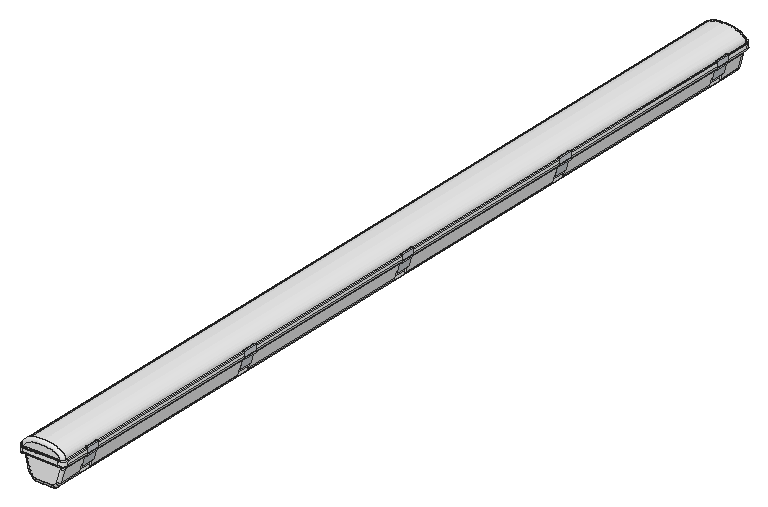
Revit family "0068077", category Lighting Fixtures, host Face, Revit 2017
Family settings
  Host = Face
  Round Connector Dimension = Use Diameter
  Part Type = Normal
  OmniClass Number = 23.80.70.11.14
  OmniClass Title = General Luminaries, Directional
  Cut with Voids When Loaded = No
  Light Source = Yes
  Shared = No
  Room Calculation Point = No
Parameters (values of type "0068077 ST WTRPRF GRP S 1500 IP65 MW 4000LM 840")
  Width = 84 mm
  Weight = "2.3 kg"
  Wattage Comments = "n/a"
  Wattage = 36 W
  WarrantyStartDate [instance] = "n/a"
  WarrantyGuarantorParts = "n/a"
  WarrantyDurationUnit = "n/a"
  WarrantyDurationParts = "n/a"
  WarrantyDescription = "n/a"
  built-in parameter 1150110 = 1 (stored number, unit not read)
  Voltage = 0 V
  URL = "http://www.sylvania-lighting.com"
  TypeName = "START Waterproof GRP Single 1500 IP65 MW 4000 840"
  Type Image = <None>
  Type Comments = "n/a"
  built-in parameter 1114217 = 1 (stored number, unit not read)
  Tilt Angle = -90.00°
  built-in parameter 1150109 = 1 (stored number, unit not read)
  built-in parameter 1150134 = 12
  built-in parameter 1150113 = 1 (stored number, unit not read)
  SerialNumber [instance] = "n/a"
  ReflectorMaterial = none
  PowerFactor = 0.95
  PowerConsumption = "36 W"
  Photometric Web File = "0068077.ies"
  NominalWidth = 0 mm
  NominalLength = 1578 mm
  NominalHeight = 75 mm
  Name = "START Waterproof GRP Single 1500 IP65 MW 4000 840"
  ModelReference = "START Waterproof GRP Single 1500 IP65 MW 4000 840"
  ModelNumber = "0068077"
  Model = "START Waterproof GRP Single 1500 IP65 MW 4000 840"
  Material = "composite material housing, pc polycarbonate diffuser"
  ManufacturerName = "Feilo Sylvania"
  Manufacturer = "Feilo Sylvania"
  LuminousEfficacy = "110 lm/W"
  built-in parameter 1150105 = 315.13 (stored number, unit not read)
  Lumens = 3960 lm
  LuminaireType = ""
  built-in parameter 1150115 = 1 (stored number, unit not read)
  LightOutputRatio = "n/a"
  built-in parameter 1150137 = (empty or 0)
  built-in parameter 1150139 = (empty or 0)
  Length = 1572 mm
  LampsType = Lamp  # "LED"
  LampNominalLuminous = "3950 lm"
  LampMacAdamStep = "n/a"
  LampColourTemperature = "4000 K"
  LampColourRenderingIndex = "80"
  built-in parameter 1150112 = 1 (stored number, unit not read)
  built-in parameter 1150114 = 1 (stored number, unit not read)
  Lamp = "LED"
  Keynote = "16500"
  InstallationDate [instance] = "n/a"
  InputVoltage = "n/a"
  InputNominalFrequency = "n/a"
  built-in parameter 1150132 = (empty or 0)
  built-in parameter 1150102 = (empty or 0)
  built-in parameter 1150107 = 4000 (stored number, unit not read)
  built-in parameter 1150138 = (empty or 0)
  IngressProtection = "IP65"
  ImpactProtectionIndex = "IK08"
  built-in parameter 1150106 = 3.1513 (stored number, unit not read)
  IfcExportType = "IfcLightFixtureType"
  IfcExportAs = "IfcLightFixtureType"
  ExpectedLife = 50000
  Emit from Rectangle Width = Width - 20 mm  # 64 mm
  Emit from Rectangle Length = Length - 20 mm  # 1552 mm
  Emit Shape Visible in Rendering = no
  ElectricShockClassification = "Class I"
  built-in parameter 1150104 = 10.219 (stored number, unit not read)
  DurationUnit = "hours"
  DocumentationLiterature = "http://www.sylvania-lighting.com/product/en-int/products/0068077"
  DimmingControlOptions = "n/a"
  Dimming Lamp Color Temperature Shift = <None>
  DiffuserMaterial = Diffuser-Sylvania-Transparent
  Description = "Start Waterproof, integrated LED weatherproof luminaire, with UV stabilized flat diffuser and linear prisms designed to achieve uniform lit appearance, optimise light output and to reduce glare, stainless steel diffuser clips and fixing brackets for surface mounting. Glass Reinforced Plastic housing for robustness, Polycarbonate diffuser, 3950lm, 36W, 110lm/W, 4000K, drive current 1050mA, MW On/Off,  CRI80, IP65, IK08, Class I,  nominal average life (h):50000, 1578mm x 84mm x 75mm ,energy class: A++ A+ A, D-mark"
  Default Elevation = 1219.2 mm
  CreatedOn = "10/3/2019"
  CreatedBy = "@sylvania-lighting.com"
  Cost = 0
  Color Filter = 16777215
  built-in parameter 1114216 [instance] = (empty or 0)
  ClassificationValue = "EF_70_80"
  ClassificationName = "Uniclass2015"
  BodyMaterial = Body-Sylvania-Gray
  BarCode [instance] = "n/a"
  built-in parameter 1114218 = 1 (stored number, unit not read)
  built-in parameter 1150133 = 10 (stored number, unit not read)
  AssetType = "Fixed"
  AssetIdentifier [instance] = "n/a"
  Assembly Code = "D5020200"
  Apparent Load = 36 VA
  AccessoryMaterial = Diffuser-Sylvania-Glow
Reference planes
  plane 1 "Center (Front/Back)": y = 0
  plane 2: z = 0
  plane 3 "Center (Left/Right)": x = 0
  plane 4: z = 54
  plane 5: x = -14.7
  plane 6: x = -21.8
  plane 7: x = -26.6
  plane 8: x = -29.2
  plane 9: z = 3
  plane 10: z = 7.8
  plane 11: z = 12.3
  plane 12: z = 36.6
  plane 13: z = 42.8
  plane 14: x = -38.1
  plane 15: z = 46.2
  plane 16: x = -42
  plane 17: y = 786
  plane 18: y = -786
  plane 19: x = 14.7
  plane 20: x = 21.8
  plane 21: x = 26.6
  plane 22: x = 29.2
  plane 23: x = 38.1
  plane 24: x = 42
  plane 25: y = 778.4
  plane 26: y = -778.4
  plane 27: y = -774.7
  plane 28: y = 774.7
  plane 29: z = 74
  plane 30: x = -38.5
  plane 31: x = 38.5
  plane 32: z = 55.2
  plane 33: y = -782.5
  plane 34: y = 782.5
  plane 35: x = -24.5
  plane 36: x = 24.5
  plane 37: x = -35.7
  plane 38: x = 35.7
  plane 39: z = 50.2
  plane 40: z = 24.6
  plane 41: y = -720
  plane 42: y = -734
  plane 43: y = -706
  plane 44: y = 720
  plane 45: y = -720
  plane 46: y = -734
  plane 47: y = -706
  plane 48: y = 720
  plane 49: y = 706
  plane 50: y = 734
  plane 51: y = -360
  plane 52: y = -374
  plane 53: y = -346
  plane 54: y = 0
  plane 55: y = -14
  plane 56: y = 14
  plane 57: y = 360
  plane 58: y = 346
  plane 59: y = 374
Forms (mm)
  Sweep 1, solid, material "Body-Sylvania-Gray" <- "BodyMaterial", detail levels medium+fine
    path origin (1223.4, -4572, 54) x (0, -1, 0) y (1, 0, 0)
      loop
        arc (-3796, -1265.4) -> (-3788.929, -1262.471) -> (-3786, -1255.4) r 10
        line (-3786, -1255.4) -> (-3786, -1191.4)
        arc (-3786, -1191.4) -> (-3788.929, -1184.329) -> (-3796, -1181.4) r 10
        line (-3796, -1181.4) -> (-5348, -1181.4)
        arc (-5348, -1181.4) -> (-5355.071, -1184.329) -> (-5358, -1191.4) r 10
        line (-5358, -1191.4) -> (-5358, -1255.4)
        arc (-5358, -1255.4) -> (-5355.071, -1262.471) -> (-5348, -1265.4) r 10
        line (-5348, -1265.4) -> (-3796, -1265.4)
    profile origin (-42, 0, 54) x (-1, 0, 0) y (0, 0, 1)
      loop
        line (0, 0) -> (-1, 0) -> (-1, -7.726)
        arc (-1, -7.726) -> (-1.994, -9.498) -> (-3.9, -10.2) r 2.937
        line (-3.9, -10.2) -> (-8.571, -10.2) -> (-8.571, -11.2) -> (-3.9, -11.2)
        arc (-3.9, -11.2) -> (-1.313, -10.231) -> (0, -7.8) r 3.937
        line (0, -7.8) -> (0, 0)
  Sweep 2, solid, material "Body-Sylvania-Gray" <- "BodyMaterial", detail levels medium+fine
    path origin (0, 0, 0) x (1, 0, 0) y (0, 0, 1)
      loop
        line (35.7, 42.8) -> (35.7, 36.6) -> (29.203, 12.31)
        arc (29.203, 12.31) -> (28.199, 9.884) -> (26.6, 7.8) r 10.052
        line (26.6, 7.8) -> (21.8, 3)
        arc (21.8, 3) -> (18.554, 0.781) -> (14.7, 0) r 9.902
        line (14.7, 0) -> (0, 0) -> (-14.7, 0)
        arc (-14.7, 0) -> (-18.554, 0.781) -> (-21.8, 3) r 9.902
        line (-21.8, 3) -> (-26.6, 7.8)
        arc (-26.6, 7.8) -> (-28.199, 9.884) -> (-29.203, 12.31) r 10.052
        line (-29.203, 12.31) -> (-35.7, 36.6) -> (-35.7, 42.8)
    profile origin (0, 0, 0) x (0, 0, -1) y (0, -1, 0)
      loop
        arc (0, 773.4) -> (-1.464, 776.936) -> (-5, 778.4) r 5
        line (-5, 778.4) -> (-7.8, 778.4) -> (-7.8, -778.4) -> (-5, -778.4)
        arc (-5, -778.4) -> (-1.464, -776.936) -> (0, -773.4) r 5
        line (0, -773.4) -> (0, 773.4)
  Extrusion 3, solid, material "Body-Sylvania-Gray" <- "BodyMaterial", detail levels medium+fine
    sketch origin (1524, 778.4, 1219.2) x (1, 0, 0) y (0, 0, 1)
      loop
        arc (-1545.668, -1204.874) -> (-1545.443, -1205.418) -> (-1545.085, -1205.885) r 2.252
        line (-1545.085, -1205.885) -> (-1540.231, -1210.738)
        arc (-1540.231, -1210.738) -> (-1539.534, -1211.227) -> (-1538.7, -1211.4) r 2.102
        line (-1538.7, -1211.4) -> (-1509.3, -1211.4)
        arc (-1509.3, -1211.4) -> (-1508.466, -1211.227) -> (-1507.769, -1210.738) r 2.102
        line (-1507.769, -1210.738) -> (-1502.915, -1205.885)
        arc (-1502.915, -1205.885) -> (-1502.557, -1205.418) -> (-1502.332, -1204.874) r 2.252
        line (-1502.332, -1204.874) -> (-1496.1, -1181.575) -> (-1496.1, -1176.4) -> (-1551.9, -1176.4) -> (-1551.9, -1181.575) -> (-1545.668, -1204.874)
    from 0 to 1556.8
  Sweep 4, solid, material "Diffuser-Sylvania-Transparent" <- "DiffuserMaterial", detail levels medium+fine
    path origin (0, 0, 0) x (1, 0, 0) y (0, 0, 1)
      loop
        spline (-38.5, 55.2) -> (-37.188, 60.066) -> (-33.342, 64.6) -> (-27.224, 68.494) -> (-19.25, 71.481) -> (-9.965, 73.359) -> (0, 74) -> (9.965, 73.359) -> (19.25, 71.481) -> (27.224, 68.494) -> (33.342, 64.6) -> (37.188, 60.066) -> (38.5, 55.2)
    profile origin (38.5, 0, 55.2) x (0, -1, 0) y (1, 0, 0)
      loop
        arc (782.5, -5.5) -> (780.889, -1.611) -> (777, 0) r 5.5
        line (777, 0) -> (-777, 0)
        arc (-777, 0) -> (-780.889, -1.611) -> (-782.5, -5.5) r 5.5
        line (-782.5, -5.5) -> (-782.5, -6.3) -> (-781.5, -6.3) -> (-781.5, -5.5)
        arc (-781.5, -5.5) -> (-780.182, -2.318) -> (-777, -1) r 4.5
        line (-777, -1) -> (777, -1)
        arc (777, -1) -> (780.182, -2.318) -> (781.5, -5.5) r 4.5
        line (781.5, -5.5) -> (781.5, -6.347) -> (782.5, -6.347) -> (782.5, -5.5)
  Extrusion 5, solid, material "Diffuser-Sylvania-Transparent" <- "DiffuserMaterial", detail levels medium+fine
    sketch origin (1524, -782.5, 1219.2) x (1, 0, 0) y (0, 0, 1)
      loop
        line (-1556.653, -1164) -> (-1491.347, -1164)
        spline (-1491.347, -1164) -> (-1491.939, -1161.945) -> (-1494.434, -1159.066) -> (-1499.342, -1155.96) -> (-1506.338, -1153.35) -> (-1514.799, -1151.648) -> (-1524, -1151.047) -> (-1533.201, -1151.648) -> (-1541.662, -1153.35) -> (-1548.658, -1155.96) -> (-1553.566, -1159.066) -> (-1556.061, -1161.945) -> (-1556.653, -1164)
    from 0 to -1
  Extrusion 6, solid, material "Diffuser-Sylvania-Transparent" <- "DiffuserMaterial", detail levels medium+fine
    sketch origin (1524, 782.5, 1219.2) x (1, 0, 0) y (0, 0, 1)
      loop
        spline (-1491.3, -1164) -> (-1491.898, -1161.922) -> (-1494.404, -1159.03) -> (-1499.322, -1155.918) -> (-1506.325, -1153.305) -> (-1514.793, -1151.602) -> (-1524, -1151) -> (-1533.207, -1151.602) -> (-1541.675, -1153.305) -> (-1548.678, -1155.918) -> (-1553.596, -1159.03) -> (-1556.102, -1161.922) -> (-1556.7, -1164)
        line (-1556.7, -1164) -> (-1491.3, -1164)
    from 0 to 1
  Extrusion 7, solid, material "Diffuser-Sylvania-Glow" <- "AccessoryMaterial", detail levels fine
    sketch origin (0, 0, 0) x (1, 0, 0) y (0, 0, 1)
      loop
        circle (0, 50.2) r 8
    from -774.7 to 774.7
  Extrusion 8, void
    sketch origin (0, -720, 2343.807) x (0, 0, -1) y (-1, 0, 0)
      loop
        line (2340.807, -24.5) -> (2331.507, -24.5) -> (2319.207, -29.2) -> (2319.207, -35.7) -> (2340.807, -35.7) -> (2340.807, -24.5)
      loop
        line (2340.807, 24.5) -> (2340.807, 35.7) -> (2319.207, 35.7) -> (2319.207, 29.2) -> (2331.507, 24.5) -> (2340.807, 24.5)
    from 14 to -14
  Extrusion 9, void, not visible
    sketch origin (0, -720, 2343.807) x (0, 0, -1) y (-1, 0, 0)
      loop
        line (2340.807, -24.5) -> (2331.507, -24.5) -> (2319.207, -29.2) -> (2319.207, -35.7) -> (2340.807, -35.7) -> (2340.807, -24.5)
      loop
        line (2340.807, 24.5) -> (2340.807, 35.7) -> (2319.207, 35.7) -> (2319.207, 29.2) -> (2331.507, 24.5) -> (2340.807, 24.5)
    from 14 to -14
  Extrusion 10, void
    sketch origin (0, 720, 2343.807) x (0, 0, -1) y (-1, 0, 0)
      loop
        line (2340.807, -24.5) -> (2331.507, -24.5) -> (2319.207, -29.2) -> (2319.207, -35.7) -> (2340.807, -35.7) -> (2340.807, -24.5)
      loop
        line (2340.807, 24.5) -> (2340.807, 35.7) -> (2319.207, 35.7) -> (2319.207, 29.2) -> (2331.507, 24.5) -> (2340.807, 24.5)
    from 14 to -14
  Extrusion 11, void
    sketch origin (0, -360, 2343.807) x (0, 0, -1) y (-1, 0, 0)
      loop
        line (2340.807, -24.5) -> (2331.507, -24.5) -> (2319.207, -29.2) -> (2319.207, -35.7) -> (2340.807, -35.7) -> (2340.807, -24.5)
      loop
        line (2340.807, 24.5) -> (2340.807, 35.7) -> (2319.207, 35.7) -> (2319.207, 29.2) -> (2331.507, 24.5) -> (2340.807, 24.5)
    from 14 to -14
  Extrusion 12, void
    sketch origin (0, 0, 2343.807) x (0, 0, -1) y (-1, 0, 0)
      loop
        line (2340.807, -24.5) -> (2331.507, -24.5) -> (2319.207, -29.2) -> (2319.207, -35.7) -> (2340.807, -35.7) -> (2340.807, -24.5)
      loop
        line (2340.807, 24.5) -> (2340.807, 35.7) -> (2319.207, 35.7) -> (2319.207, 29.2) -> (2331.507, 24.5) -> (2340.807, 24.5)
    from 14 to -14
  Extrusion 13, void
    sketch origin (0, 360, 2343.807) x (0, 0, -1) y (-1, 0, 0)
      loop
        line (2340.807, -24.5) -> (2331.507, -24.5) -> (2319.207, -29.2) -> (2319.207, -35.7) -> (2340.807, -35.7) -> (2340.807, -24.5)
      loop
        line (2340.807, 24.5) -> (2340.807, 35.7) -> (2319.207, 35.7) -> (2319.207, 29.2) -> (2331.507, 24.5) -> (2340.807, 24.5)
    from 14 to -14
  Extrusion 14, solid, material "Diffuser-Sylvania-Transparent" <- "DiffuserMaterial", detail levels medium+fine
    sketch origin (1223.4, -4572, 54) x (0, -1, 0) y (-1, 0, 0)
      loop
        arc (-5348, 1265.4) -> (-5355.071, 1262.471) -> (-5358, 1255.4) r 10
        line (-5358, 1255.4) -> (-5358, 1191.4)
        arc (-5358, 1191.4) -> (-5355.071, 1184.329) -> (-5348, 1181.4) r 10
        line (-5348, 1181.4) -> (-3796, 1181.4)
        arc (-3796, 1181.4) -> (-3788.929, 1184.329) -> (-3786, 1191.4) r 10
        line (-3786, 1191.4) -> (-3786, 1255.4)
        arc (-3786, 1255.4) -> (-3788.929, 1262.471) -> (-3796, 1265.4) r 10
        line (-3796, 1265.4) -> (-5348, 1265.4)
      loop
        arc (-5354.5, 1190.394) -> (-5352.887, 1186.509) -> (-5349, 1184.9) r 5.5
        line (-5349, 1184.9) -> (-3795, 1184.9)
        arc (-3795, 1184.9) -> (-3791.113, 1186.509) -> (-3789.5, 1190.394) r 5.5
        line (-3789.5, 1190.394) -> (-3789.5, 1256.406)
        arc (-3789.5, 1256.406) -> (-3791.113, 1260.291) -> (-3795, 1261.9) r 5.5
        line (-3795, 1261.9) -> (-5349, 1261.9)
        arc (-5349, 1261.9) -> (-5352.887, 1260.291) -> (-5354.5, 1256.406) r 5.5
        line (-5354.5, 1256.406) -> (-5354.5, 1190.394)
    from 0 to -1.2
  Extrusion 15, solid, material "Body-Sylvania-Gray" <- "BodyMaterial", detail levels coarse
    sketch origin (0, 0, 0) x (1, 0, 0) y (0, 0, 1)
      loop
        line (-42, 55.2) -> (-42, 42.8) -> (-26.6, 0) -> (26.6, 0) -> (42, 42.8) -> (42, 55.2) -> (-42, 55.2)
    from -786 to 786
  Extrusion 16, solid, material "Diffuser-Sylvania-Transparent" <- "DiffuserMaterial", detail levels coarse
    sketch origin (0, 0, 0) x (1, 0, 0) y (0, 0, 1)
      loop
        line (-38.5, 55.2) -> (38.5, 55.2)
        arc (38.5, 55.2) -> (0, 74) -> (-38.5, 55.2) r 48.822
    from -778.4 to 778.4
Cuts and joins
  Extrusion 8, Extrusion 10, Extrusion 11, Extrusion 12, Extrusion 13 cuts Sweep 2
  Extrusion 8, Extrusion 10, Extrusion 11, Extrusion 12, Extrusion 13 cuts Extrusion 3
  joined: Sweep 2, Extrusion 3
  joined: Sweep 4, Extrusion 5, Extrusion 6, Extrusion 14
Dimensions and locks
  locked: plane 4 to plane 2 at 54
  plane 5 to plane 6 to plane 7 to plane 8 to plane 14 to plane 16 = 7.1 mm locked, 4.8 mm locked, 2.6 mm locked, 8.9 mm locked, 3.9 mm locked
  plane 4 to plane 15 to plane 13 to plane 12 to plane 11 to plane 10 to plane 9 = 7.8 mm locked, 3.4 mm, 6.2 mm locked, 24.3 mm locked, 4.5 mm locked, 4.8 mm locked
  equal spacing: plane 18, plane 1 "Center (Front/Back)", plane 17
  "Length": plane 18 to plane 17
  plane 19 to plane 20 to plane 21 to plane 22 to plane 23 to plane 24 = 7.1 mm locked, 4.8 mm locked, 2.6 mm locked, 8.9 mm, 3.9 mm
  equal spacing: plane 24, plane 3 "Center (Left/Right)", plane 16
  "Width": plane 24 to plane 16
  equal spacing: plane 27, plane 1 "Center (Front/Back)", plane 28
  locked: plane 26 to plane 27 at 3.7
  locked: Sweep 1 sketch curve to profile plane at 1
  locked: Sweep 1 sketch curve to plane 13 at 1
  locked: Sweep 1 sketch curve to plane 13 at 3.937  (x2)
  locked: Sweep 1 sketch curve to profile plane at 3.9  (x2)
  plane 29 to plane 4 = 20 mm
  equal spacing: plane 31, plane 3 "Center (Left/Right)", plane 30
  locked: plane 30 to plane 16 at 3.5
  locked: plane 32 to plane 4 at 1.2
  equal spacing: plane 33, plane 1 "Center (Front/Back)", plane 34
  equal spacing: plane 36, plane 3 "Center (Left/Right)", plane 35
  locked: plane 34 to plane 17 at 3.5
  equal spacing: plane 38, plane 3 "Center (Left/Right)", plane 37
  locked: plane 37 to plane 16 at 6.3
  equal spacing: plane 25, plane 1 "Center (Front/Back)", plane 26
  locked: plane 17 to plane 25 at 7.6
  locked: Sweep 2 sketch curve to plane 2 at 5  (x2)
  locked: Sweep 2 sketch curve to plane 26 at 5
  locked: plane 25 to Sweep 2 sketch curve at 5
  locked: Sweep 4 sketch curve to plane 31 at 5.5  (x2)
  locked: Sweep 4 sketch curve to plane 34 at 5.5
  plane 33 to Sweep 4 sketch curve = 5.5 mm
  locked: plane 34 to Sweep 4 sketch curve at 1
  locked: Sweep 4 sketch curve to plane 31 at 1
  locked: Sweep 4 sketch curve to Sweep 4 sketch curve at 1
  locked: Sweep 4 sketch curve to plane 31 at 6.347
  locked: Sweep 4 sketch curve to plane 31 at 6.3
  locked: plane 40 to plane 2 at 24.6
  locked: plane 6 to plane 35 at 2.7
  locked: plane 1 "Center (Front/Back)" to plane 41 at 720
  plane 43 to plane 41 to plane 42 = 14 mm locked, 14 mm locked
  locked: plane 44 to plane 1 "Center (Front/Back)" at 720
  plane 47 to plane 45 to plane 46 = 14 mm locked, 14 mm locked
  plane 50 to plane 48 to plane 49 = 14 mm locked, 14 mm locked  (x2)
  equal spacing: group 1, group 6, group 7, group 8, group 5  (x3)
  plane 53 to plane 51 to plane 52 = 14 mm locked, 14 mm locked  (x2)
  plane 56 to plane 54 to plane 55 = 14 mm locked, 14 mm locked  (x2)
  plane 59 to plane 57 to plane 58 = 14 mm locked, 14 mm locked  (x2)
  plane 48 to plane 57 to plane 1 "Center (Front/Back)" to plane 51 to plane 41 = 360 mm locked, 360 mm locked, 360 mm locked, 360 mm locked
  aligned and locked: plane 2 to host face
  aligned and locked: level to host face
  aligned and locked: plane 16 to Sweep 1 sketch curve
  aligned and locked: Sweep 1 sketch curve to plane 24
  aligned and locked: plane 18 to Sweep 1 sketch curve
  aligned and locked: Sweep 1 sketch curve to plane 13
  aligned and locked: profile plane to Sweep 1 sketch curve
  aligned and locked: plane 3 "Center (Left/Right)" to Sweep 2 sketch curve
  aligned and locked: plane 9 to Sweep 2 sketch curve
  aligned and locked: plane 10 to Sweep 2 sketch curve
  aligned and locked: plane 37 to Sweep 2 sketch curve
  aligned and locked: plane 12 to Sweep 2 sketch curve
  aligned and locked: Sweep 2 sketch curve to level
  aligned and locked: plane 21 to Sweep 2 sketch curve
  aligned and locked: plane 38 to Sweep 2 sketch curve
  aligned and locked: profile plane to Sweep 2 sketch curve
  aligned and locked: plane 25 to Sweep 2 sketch curve
  aligned and locked: Sweep 2 sketch curve to plane 10
  aligned and locked: Extrusion 3 sketch curve to Sweep 2  (x7)
  aligned and locked: Sweep 2 to Extrusion 3 sketch curve
  aligned and locked: Extrusion 3 to plane 25
  aligned and locked: plane 26 to Extrusion 3
  aligned and locked: plane 32 to Sweep 4 sketch curve
  aligned and locked: plane 33 to Sweep 4 sketch curve
  aligned and locked: Sweep 4 to Extrusion 5
  aligned and locked: plane 33 to Extrusion 5
  aligned and locked: plane 39 to Extrusion 7 sketch curve
  aligned and locked: plane 27 to Extrusion 7
  aligned and locked: Extrusion 7 to plane 28
  aligned and locked: Extrusion 6 sketch curve to Sweep 4
  aligned and locked: Extrusion 5 sketch curve to Sweep 4
  aligned and locked: Extrusion 8 to plane 43
  aligned and locked: plane 42 to Extrusion 8
  aligned and locked: Extrusion 10 to plane 50
  aligned and locked: plane 49 to Extrusion 10
  aligned and locked: Extrusion 11 to plane 53
  aligned and locked: plane 52 to Extrusion 11
  aligned and locked: Extrusion 12 to plane 56
  aligned and locked: plane 55 to Extrusion 12
  aligned and locked: Extrusion 13 to plane 59
  aligned and locked: plane 58 to Extrusion 13
  aligned and locked: plane 3 "Center (Left/Right)" to Extrusion 7 sketch curve
  aligned and locked: Extrusion 14 sketch curve to Sweep 1  (x4)
  aligned and locked: Extrusion 14 to plane 32
  aligned and locked: plane 4 to Extrusion 14
  aligned and locked: plane 48 to nested 1
  aligned and locked: plane 57 to nested 2
  aligned and locked: plane 54 to nested 3
  aligned and locked: nested 4 to plane 51
  aligned and locked: nested 5 to plane 41
  aligned and locked: plane 41 to nested 10
  aligned and locked: plane 51 to nested 9
  aligned and locked: plane 54 to nested 8
  aligned and locked: plane 57 to nested 7
  aligned and locked: plane 48 to nested 6
  aligned and locked: plane 1 "Center (Front/Back)" to imposter light
  aligned and locked: plane 3 "Center (Left/Right)" to imposter light
  aligned and locked: imposter light to plane 29
  aligned and locked: plane 7 to Extrusion 15 sketch curve
  aligned and locked: plane 2 to Extrusion 15 sketch curve
  aligned and locked: Extrusion 15 sketch curve to nested 6
  aligned and locked: Extrusion 15 sketch curve to nested 1
  aligned and locked: plane 18 to Extrusion 15
  aligned and locked: Extrusion 15 to plane 17
  aligned and locked: Extrusion 15 to Sweep 1  (x2)
  aligned and locked: plane 30 to Extrusion 16 sketch curve
  aligned and locked: plane 31 to Extrusion 16 sketch curve
  aligned and locked: Extrusion 16 sketch curve to cut or joined group of Sweep 4, Extrusion 5, Extrusion 6, Extrusion 14
  aligned and locked: Extrusion 16 to plane 25
  aligned and locked: plane 26 to Extrusion 16
Automatic sketch dimensions
  host sketch curve to host sketch curve = 2438.4 mm  (x2)
  plane 17 to Sweep 1 sketch curve = 0 mm
  Sweep 1 sketch curve to plane 28 = 1.3 mm
  Sweep 1 sketch curve to plane 7 = 5.4 mm
  plane 27 to Sweep 1 sketch curve = 1.3 mm  (x2)
  Sweep 1 sketch curve to Sweep 1 sketch curve = 4.671 mm
  Sweep 1 sketch curve to plane 4 = 0 mm
  Sweep 2 sketch curve to plane 7 = 0 mm
  Sweep 2 sketch curve to plane 6 = 0 mm
  Sweep 2 sketch curve to plane 5 = 0 mm
  plane 19 to Sweep 2 sketch curve = 0 mm
  Sweep 2 sketch curve to plane 9 = 0 mm
  plane 20 to Sweep 2 sketch curve = 0 mm
  Sweep 2 sketch curve to plane 12 = 0 mm
  Sweep 2 sketch curve to plane 10 = 0 mm
  Sweep 2 sketch curve to plane 13 = 0 mm  (x2)
  Sweep 2 sketch curve to plane 8 = 0.003 mm
  plane 6 to Sweep 2 sketch curve = 2.308 mm
  plane 20 to Sweep 2 sketch curve = 2.308 mm
  Sweep 2 sketch curve to plane 22 = 0.003 mm
  Sweep 2 sketch curve to plane 11 = 0.01 mm  (x2)
  Extrusion 3 sketch curve to plane 5 = 0 mm
  plane 19 to Extrusion 3 sketch curve = 0 mm
  plane 6 to Extrusion 3 sketch curve = 0.132 mm
  plane 6 to Extrusion 3 sketch curve = 0.715 mm
  Extrusion 3 sketch curve to Extrusion 3 sketch curve = 1.592 mm
  Extrusion 3 sketch curve to plane 10 = 0.662 mm  (x2)
  plane 20 to Extrusion 3 sketch curve = 2.308 mm
  plane 20 to Extrusion 3 sketch curve = 0.715 mm
  plane 20 to Extrusion 3 sketch curve = 0.132 mm
  Sweep 4 sketch curve to plane 30 = 0 mm
  Sweep 4 sketch curve to plane 3 "Center (Left/Right)" = 0 mm
  Sweep 4 sketch curve to Sweep 4 sketch curve = 0 mm  (x2)
  plane 37 to Extrusion 6 sketch curve = 3 mm
  Extrusion 6 sketch curve to plane 38 = 3 mm
  plane 37 to Extrusion 5 sketch curve = 3.047 mm
  Extrusion 5 sketch curve to plane 38 = 3.047 mm
  Extrusion 8 sketch curve to Extrusion 8 sketch curve = 0 mm
  Extrusion 8 sketch curve to Extrusion 8 sketch curve = 12.3 mm  (x2)
  Extrusion 8 sketch curve to Extrusion 8 sketch curve = 9.3 mm  (x2)
  Extrusion 8 sketch curve to Extrusion 8 sketch curve = 6.5 mm  (x2)
  Extrusion 8 sketch curve to Extrusion 8 sketch curve = 4.7 mm  (x2)
  Extrusion 8 sketch curve to Extrusion 8 sketch curve = 49 mm
  Extrusion 9 sketch curve to Extrusion 9 sketch curve = 0 mm
  Extrusion 9 sketch curve to Extrusion 9 sketch curve = 12.3 mm  (x2)
  Extrusion 9 sketch curve to Extrusion 9 sketch curve = 9.3 mm  (x2)
  Extrusion 9 sketch curve to Extrusion 9 sketch curve = 6.5 mm  (x2)
  Extrusion 9 sketch curve to Extrusion 9 sketch curve = 4.7 mm  (x2)
  Extrusion 9 sketch curve to Extrusion 9 sketch curve = 49 mm
  Extrusion 10 sketch curve to Extrusion 10 sketch curve = 0 mm
  Extrusion 10 sketch curve to Extrusion 10 sketch curve = 12.3 mm  (x2)
  Extrusion 10 sketch curve to Extrusion 10 sketch curve = 9.3 mm  (x2)
  Extrusion 10 sketch curve to Extrusion 10 sketch curve = 6.5 mm  (x2)
  Extrusion 10 sketch curve to Extrusion 10 sketch curve = 4.7 mm  (x2)
  Extrusion 10 sketch curve to Extrusion 10 sketch curve = 49 mm
  Extrusion 11 sketch curve to Extrusion 11 sketch curve = 0 mm
  Extrusion 11 sketch curve to Extrusion 11 sketch curve = 12.3 mm  (x2)
  Extrusion 11 sketch curve to Extrusion 11 sketch curve = 9.3 mm  (x2)
  Extrusion 11 sketch curve to Extrusion 11 sketch curve = 6.5 mm  (x2)
  Extrusion 11 sketch curve to Extrusion 11 sketch curve = 4.7 mm  (x2)
  Extrusion 11 sketch curve to Extrusion 11 sketch curve = 49 mm
  Extrusion 12 sketch curve to Extrusion 12 sketch curve = 0 mm
  Extrusion 12 sketch curve to Extrusion 12 sketch curve = 12.3 mm  (x2)
  Extrusion 12 sketch curve to Extrusion 12 sketch curve = 9.3 mm  (x2)
  Extrusion 12 sketch curve to Extrusion 12 sketch curve = 6.5 mm  (x2)
  Extrusion 12 sketch curve to Extrusion 12 sketch curve = 4.7 mm  (x2)
  Extrusion 12 sketch curve to Extrusion 12 sketch curve = 49 mm
  Extrusion 13 sketch curve to Extrusion 13 sketch curve = 0 mm
  Extrusion 13 sketch curve to Extrusion 13 sketch curve = 12.3 mm  (x2)
  Extrusion 13 sketch curve to Extrusion 13 sketch curve = 9.3 mm  (x2)
  Extrusion 13 sketch curve to Extrusion 13 sketch curve = 6.5 mm  (x2)
  Extrusion 13 sketch curve to Extrusion 13 sketch curve = 4.7 mm  (x2)
  Extrusion 13 sketch curve to Extrusion 13 sketch curve = 49 mm
  Extrusion 14 sketch curve to plane 34 = 0 mm
  plane 30 to Extrusion 14 sketch curve = 0 mm
  Extrusion 14 sketch curve to plane 31 = 0 mm
  plane 33 to Extrusion 14 sketch curve = 0 mm
  plane 25 to Extrusion 14 sketch curve = 1.4 mm  (x4)
  Extrusion 14 sketch curve to plane 26 = 1.4 mm  (x4)
  plane 37 to Extrusion 14 sketch curve = 2.694 mm  (x2)
  Extrusion 14 sketch curve to plane 38 = 2.694 mm  (x2)
  plane 21 to Extrusion 15 sketch curve = 0 mm
  Extrusion 15 sketch curve to plane 13 = 0 mm  (x2)
  Extrusion 15 sketch curve to plane 32 = 0 mm
  Extrusion 16 sketch curve to plane 40 = 0.578 mm
  radius of Extrusion 7 sketch curve = 8 mm
Nested families
  nested 1: "Clip" at (-29.2, 720, 24.6) x (-1, 0, 0) z (0, 0, 1), type "Clip", detail levels fine
  nested 2: "Clip" at (-29.2, 360, 24.6) x (-1, 0, 0) z (0, 0, 1), type "Clip", detail levels fine
  nested 3: "Clip" at (-29.2, 0, 24.6) x (-1, 0, 0) z (0, 0, 1), type "Clip", detail levels fine
  nested 4: "Clip" at (-29.2, -360, 24.6) x (-1, 0, 0) z (0, 0, 1), type "Clip", detail levels fine
  nested 5: "Clip" at (-29.2, -720, 24.6) x (-1, 0, 0) z (0, 0, 1), type "Clip", detail levels fine
  nested 6: "Clip" at (29.2, 720, 24.6), type "Clip", detail levels fine
  nested 7: "Clip" at (29.2, 360, 24.6), type "Clip", detail levels fine
  nested 8: "Clip" at (29.2, 0, 24.6), type "Clip", detail levels fine
  nested 9: "Clip" at (29.2, -360, 24.6), type "Clip", detail levels fine
  nested 10: "Clip" at (29.2, -720, 24.6), type "Clip", detail levels fine
Connectors
  electrical at (0, 0, 0), driven by "Apparent Load"
    settings: index 1, voltage 230 V, apparent load 36 VA, apparent load phase1 0 VA, apparent load phase2 0 VA, apparent load phase3 0 VA, power factor 0, load classification "Lighting", number of poles 1, system type 30, power factor state 1, is connector primary yes, connector utility no, sub classification motor no, connector description ""
Definition of nested family "Clip"
  Parameters (values of type "Clip")
    URL = "http://www.feilosylvania.com"
    Type Comments = "n/a"
    Model = "n/a"
    Manufacturer = "Feilo Sylvania"
    Keynote = "n/a"
    Description = "n/a"
    Default Elevation = 1219.2 mm
    Cost = 0
    BodyMaterial = none
    Assembly Code = "n/a"
  Reference planes
    plane 1 "Center (Front/Back)": y = 0
    plane 2: z = 0
    plane 3 "Center (Left/Right)": x = 0
    plane 4: x = 3.3
    plane 5: x = 6.5
    plane 6: x = 8.9
    plane 7: x = 12.8
    plane 8: z = 12
    plane 9: z = 18.2
    plane 10: z = 21.6
    plane 11: z = 30.6
    plane 12: x = 9.3
    plane 13: z = 19.2
    plane 14: z = 16.2
    plane 15: x = 10.1
    plane 16: y = 12
    plane 17: y = -12
  Forms (mm)
    Extrusion 1, solid
      sketch origin (-0.8, 0, 0) x (1, 0, 0) y (0, 1, 0)
        loop
          line (-1219.2, 1219.2) -> (-1219.2, -1219.2) -> (1219.2, -1219.2) -> (1219.2, 1219.2) -> (-1219.2, 1219.2)
      from 0 to -304.8
    Extrusion 2, solid
      sketch origin (0, 0, 0) x (1, 0, 0) y (0, 0, 1)
        loop
          line (8.9, 16.2) -> (4.58, 0) -> (0, 0) -> (0, -0.8) -> (5.195, -0.8) -> (9.603, 15.731) -> (13.6, 18.806) -> (13.6, 30.6)
          arc (13.6, 30.6) -> (11.45, 32.75) -> (9.3, 30.6) r 2.15
          line (9.3, 30.6) -> (10.1, 30.6)
          arc (10.1, 30.6) -> (11.45, 31.95) -> (12.8, 30.6) r 1.35
          line (12.8, 30.6) -> (12.8, 19.2) -> (8.9, 16.2)
      from -12 to 12
  Lines and regions (mm)
    reference lines
      curve 1: line (3.3, 0, 0) -> (6.5, 0, 12)
      curve 2: arc (8.9, 0, 18.2) -> (11.488, 0, 19.169) -> (12.8, 0, 21.6) r 3.934
  Dimensions and locks
    plane 7 to plane 6 to plane 5 to plane 4 to plane 3 "Center (Left/Right)" = 3.9 mm locked, 2.4 mm locked, 3.2 mm locked, 3.3 mm locked
    plane 11 to plane 10 to plane 9 to plane 8 to plane 2 = 9 mm locked, 3.4 mm locked, 6.2 mm locked, 12 mm locked
    locked: plane 7 to plane 12 at 3.5
    locked: plane 13 to plane 9 at 1
    locked: plane 9 to plane 14 at 2
    locked: plane 15 to plane 12 at 0.8
    locked: plane 2 to Extrusion 2 sketch curve at 0.8
    locked: Extrusion 2 sketch curve to Extrusion 2 sketch curve at 0.8  (x3)
    locked: plane 7 to Extrusion 2 sketch curve at 1.35
    equal spacing: plane 17, plane 1 "Center (Front/Back)", plane 16
    locked: plane 1 "Center (Front/Back)" to plane 16 at 12
    aligned and locked: plane 2 to Extrusion 1
    aligned and locked: level to Extrusion 1
    aligned and locked: plane 4 to curve 1
    aligned and locked: plane 5 to curve 1
    aligned and locked: plane 6 to curve 2
    aligned and locked: plane 10 to curve 2
    aligned and locked: plane 14 to Extrusion 2 sketch curve
    aligned and locked: plane 13 to Extrusion 2 sketch curve
    aligned and locked: plane 7 to Extrusion 2 sketch curve
    aligned and locked: plane 3 "Center (Left/Right)" to Extrusion 2 sketch curve
    aligned and locked: Extrusion 2 sketch curve to level
    aligned and locked: Extrusion 2 sketch curve to plane 11
    aligned and locked: plane 11 to Extrusion 2 sketch curve
    aligned and locked: Extrusion 2 to plane 16
    aligned and locked: plane 17 to Extrusion 2
  Automatic sketch dimensions
    Extrusion 1 sketch curve to Extrusion 1 sketch curve = 2438.4 mm  (x2)
    curve 2 to plane 7 = 0 mm
    curve 1 to level = 0 mm
    curve 1 to plane 8 = 0 mm
    curve 2 to plane 9 = 0 mm
    plane 6 to curve 2 = 0.002 mm
    Extrusion 2 sketch curve to Extrusion 2 sketch curve = 0 mm
    Extrusion 2 sketch curve to plane 6 = 0 mm
    plane 4 to Extrusion 2 sketch curve = 1.28 mm
